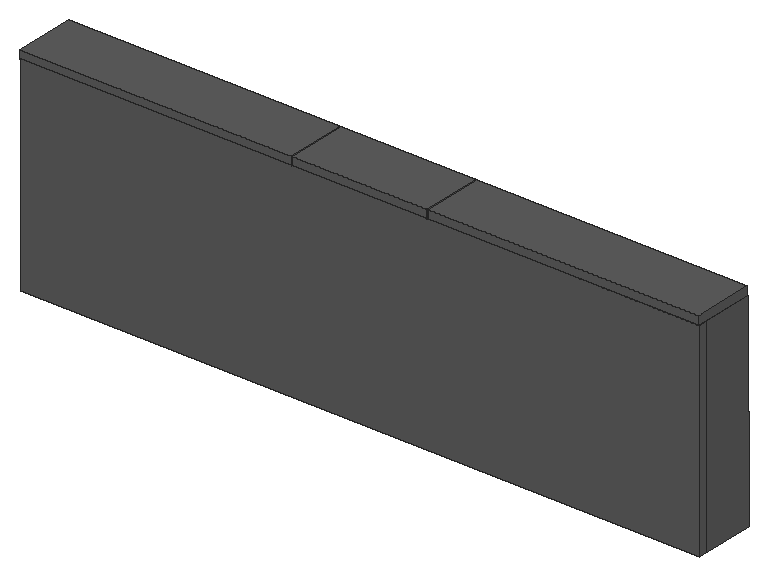
Revit family "WashbasinUnit-150cm-Left-Vitra-OriginSeries-65689+65690+65691", category Furniture Systems, host Face, Revit 2017
Family settings
  Host = Face
  Round Connector Dimension = Use Diameter
  Part Type = Normal
  OmniClass Number = 23.40.00.00
  OmniClass Title = Equipment and Furnishings
  Cut with Voids When Loaded = No
  Shared = Yes
  Room Calculation Point = No
Parameters (values of type "WashbasinUnit-Vitra-OriginSeries-150cm-Left_65689")
  Youtube = "https://www.youtube.com/user/VitrAglobal"
  Weight Net (kg) = "45"
  Warranty Period (Year) = "2"
  Uniformat II Description = "FURNISHINGS"
  Uniformat II Code = "E20"
  Uniclass 2015 Name = "Wash basins, sinks and troughs"
  Uniclass 2015 Code = "Pr_40_20_93"
  Uniclass 2.0 Description = "Bathroom Cabinets"
  Uniclass 2.0 Code = "PR-35-75-08"
  Uniclass 1.4 Description = "Bathroom Cabinets"
  Uniclass 1.4 Code = "L8241"
  URL = "https://vitraglobal.com/"
  UNSPSC Description = "Bathroom Cabinets"
  UNSPSC Code = "301815"
  Technical description = "https://www.vitraglobal.com/pdf/65689/"
  Tap hole Options (default) = ""
  Specification = ""
  Secondary Material = MattWhite
  Region South America = "All"
  Region Oceania = "All"
  Region North America = "All"
  Region Middle East = "All"
  Region Europe = "All"
  Region Asia = "All"
  Region Antarctica = "All"
  Region Africa = "All"
  Product url = "https://www.vitraglobal.com/bathroom-furniture/counters/storage-tables/origin-counter-with-drawer-sku-65689/"
  Product manual = ""
  Product group = "Washbasin Unit"
  Product family = "Origin"
  Product data url = "https://www.bimobject.com/vitra-bathrooms/product/65689-65690-65691"
  Product certification = "https://www.vitraglobal.com/brochures/"
  Product SKU = "65689"
  Product Guid = "https://www.vitraglobal.com/uyeIslem/fileDownload.aspx?udkEnc=jknA0+Tbm/Hm4TOyUwN+8y2DmbYZpN3DgWVixSaqpUl8lHcyJ4riURwxWsHd8AcBDazUBka7BIJo6TEQ9OYqmQ==&lang=en-US"
  Primary Material = Patterned Black Oak
  OmniClass Description = "Bathroom Cabinets"
  OmniClass Code = "23-31 25 13"
  Nominal Width (mm) = 1500 mm
  Nominal Height (mm) = 135 mm
  Nominal Depth (mm) = 480 mm
  NBS Referans Description = "Bathroom Cabinets"
  NBS Referans Code = "35-75-08"
  Mounting type = "Wall-Hung"
  Masterformat 2014 Description = "Bathroom Unit Modules"
  Masterformat 2014 Code = "13 42 13"
  Manufacturer name = "VitrA"
  Manufacturer = "VitrA"
  Main Material = "Wood"
  Installation instructions = "https://www.vitraglobal.com/uyeIslem/fileDownload.aspx?udkEnc=YT1cocbwVf1nhQ2jtuzVLRf+lQtiPzEc0mZ6gFoRvuzyYprAYoFjRTn2tIH66LmL1a1Jq37ROE+33uM/PE7myg==&lang=en-US"
  IFC Classification = "Furniture"
  EAN code = ""
  Design country = "Turkey"
  Description = "Origin Washbasin Unit, 150 cm"
  Default Elevation = 660 mm
  Color = "Matt White/Dore Oak"
  COBIe Type Category = ""
  Brand = "VitrA"
  BIMobject category = "Bathroom compound units"
  Article No. (default) = "65689"
  Accessories (default) = ""
Types (3, lengths in mm): name | Technical description | Product url | Product data url | Product SKU | Primary Material | Color | Article No. (default)
  WashbasinUnit-Vitra-OriginSeries-150cm-Left_65691 | "https://www.vitraglobal.com/pdf/65691/" | "" | "https://www.vitraglobal.com/bathroom-furniture/counters/storage-tables/origin-counter-with-drawer-sku-65691/" | "65691" | Natural Oak | "Flat Oak" | "65691"
  WashbasinUnit-Vitra-OriginSeries-150cm-Left_65689 | "https://www.vitraglobal.com/pdf/65689/" | "https://www.vitraglobal.com/bathroom-furniture/counters/storage-tables/origin-counter-with-drawer-sku-65689/" | "https://www.bimobject.com/vitra-bathrooms/product/65689-65690-65691" | "65689" | Patterned Black Oak | "Matt White/Dore Oak" | "65689"
  WashbasinUnit-Vitra-OriginSeries-150cm-Left_65690 | "https://www.vitraglobal.com/pdf/65690/" | "" | "https://www.vitraglobal.com/bathroom-furniture/counters/storage-tables/origin-counter-with-drawer-sku-65690/" | "65690" | Elm | "Elm" | "65690"
Reference planes
  plane 1 "Center (Front/Back)": y = 0
  plane 2: z = 0
  plane 3 "Center (Left/Right)": x = -8.77
  plane 4: x = 454.576
  plane 5: x = -1045.424
  plane 6: y = 0.372
  plane 7: y = 135.372
  plane 8: z = 480
Forms (mm)
  Extrusion 1, solid, material "Patterned Black Oak" <- "Primary Material", detail levels fine
    sketch origin (-279.424, -0.624, 231.903) x (0, 0, 1) y (1, 0, 0)
      loop
        line (229.097, -766) -> (229.097, 734) -> (-228.5, 734) -> (-228.5, -766) -> (229.097, -766)
    from 0.997 to 17.997
  Extrusion 2, solid, material "Patterned Black Oak" <- "Primary Material", detail levels fine
    sketch origin (-295.424, 135.372, 232.403) x (0, 0, -1) y (1, 0, 0)
      loop
        line (229, -750) -> (229, -734) -> (-228.597, -734) -> (-228.597, -750) -> (229, -750)
      loop
        line (-228.597, 750) -> (-228.597, 734) -> (229, 734) -> (229, 750) -> (-228.597, 750)
    from 0 to 118
  Extrusion 3, solid, material "Patterned Black Oak" <- "Primary Material", detail levels fine
    sketch origin (-292.424, 133.372, 469.903) x (0, 0, -1) y (1, 0, 0)
      loop
        line (-10.097, -753) -> (8.903, -753) -> (8.903, 745) -> (-10.097, 745) -> (-10.097, -753)
    from 0 to 133
  Extrusion 4, solid, material "Patterned Black Oak" <- "Primary Material", detail levels fine
    sketch origin (-279.424, 134.372, 410.403) x (0, 0, 1) y (1, 0, 0)
      loop
        line (-49.403, -750) -> (50.597, -750) -> (50.597, 718) -> (-49.403, 718) -> (-49.403, -750)
      loop
        line (-307, 718) -> (-407, 718) -> (-407, -750) -> (-307, -750) -> (-307, 718)
    from 0 to -15.924
  Extrusion 5, solid, material "Patterned Black Oak" <- "Primary Material", detail levels fine
    sketch origin (273.479, 133.372, 469.903) x (0, 0, -1) y (1, 0, 0)
      loop
        line (-10.097, -418.903) -> (-10.097, -421.497) -> (8.903, -421.497) -> (8.903, -418.903) -> (-10.097, -418.903)
    from 0 to 133
  Extrusion 6, solid, detail levels coarse+medium
    sketch origin (0, 0, 0) x (1, 0, 0) y (0, 1, 0)
      loop
        line (454.576, 145.372) -> (-1045.424, 145.372) -> (-1045.424, 0.372) -> (454.576, 0.372) -> (454.576, 145.372)
    from 0 to 480
  Extrusion 7, void
    sketch origin (0, 0, 0) x (1, 0, 0) y (0, 1, 0)
      loop
        line (454.576, 145.372) -> (-1045.424, 145.372) -> (-1045.424, 0.372) -> (454.576, 0.372) -> (454.576, 145.372)
    from 480 to 954.713
  Extrusion 8, solid, material "Patterned Black Oak" <- "Primary Material", detail levels fine
    sketch origin (-26.521, 133.372, 469.903) x (0, 0, -1) y (1, 0, 0)
      loop
        line (-10.097, -418.903) -> (-10.097, -421.497) -> (8.903, -421.497) -> (8.903, -418.903) -> (-10.097, -418.903)
    from 0 to 133
Dimensions and locks
  "Nominal Height (mm)": plane 7 to plane 6
  plane 5 to plane 4 = 1500 mm
  "Nominal Width (mm)": plane 5 to plane 4
  "Nominal Depth (mm)": host face to plane 8
  Extrusion 7 to Extrusion 7 = 474.713 mm
  aligned and locked: plane 2 to host face
  aligned and locked: level to host face
  aligned and locked: Extrusion 2 to Extrusion 1
  aligned and locked: Extrusion 1 to Extrusion 3  (x2)
  aligned and locked: Extrusion 4 to Extrusion 2  (x2)
  aligned and locked: Extrusion 6 to Extrusion 1  (x2)
  aligned and locked: Extrusion 7 sketch curve to Extrusion 6  (x2)
  aligned and locked: Extrusion 7 to Extrusion 3
Automatic sketch dimensions
  host sketch curve to host sketch curve = 2438.4 mm  (x2)
  plane 5 to Extrusion 1 sketch curve = 0 mm
  plane 4 to Extrusion 1 sketch curve = 0 mm
  level to Extrusion 1 sketch curve = 3.403 mm
  plane 8 to Extrusion 1 sketch curve = 19 mm
  plane 5 to Extrusion 2 sketch curve = 0 mm
  plane 4 to Extrusion 2 sketch curve = 0 mm
  plane 8 to Extrusion 2 sketch curve = 19 mm  (x2)
  level to Extrusion 2 sketch curve = 3.403 mm  (x2)
  Extrusion 2 sketch curve to plane 5 = 16 mm
  Extrusion 2 sketch curve to Extrusion 2 sketch curve = 16 mm
  Extrusion 3 sketch curve to plane 8 = 0 mm
  plane 5 to Extrusion 3 sketch curve = 0 mm
  plane 4 to Extrusion 3 sketch curve = 2 mm
  plane 8 to Extrusion 3 sketch curve = 19 mm
  level to Extrusion 4 sketch curve = 3.403 mm
  plane 4 to Extrusion 4 sketch curve = 16 mm  (x2)
  Extrusion 4 sketch curve to Extrusion 4 sketch curve = 100 mm
  plane 8 to Extrusion 4 sketch curve = 119 mm
  plane 8 to Extrusion 4 sketch curve = 19 mm
  Extrusion 4 sketch curve to plane 5 = 16 mm  (x2)
  Extrusion 5 sketch curve to plane 8 = 0 mm
  plane 8 to Extrusion 5 sketch curve = 19 mm
  Extrusion 5 sketch curve to plane 3 "Center (Left/Right)" = 139.249 mm
  Extrusion 5 sketch curve to Extrusion 5 sketch curve = 2.594 mm
  Extrusion 6 sketch curve to plane 5 = 0 mm
  Extrusion 6 sketch curve to plane 4 = 0 mm
  Extrusion 6 sketch curve to plane 6 = 0 mm
  plane 7 to Extrusion 6 sketch curve = 10 mm
  Extrusion 7 sketch curve to plane 6 = 0 mm
  plane 7 to Extrusion 7 sketch curve = 10 mm
  Extrusion 8 sketch curve to plane 8 = 0 mm
  plane 8 to Extrusion 8 sketch curve = 19 mm
  Extrusion 8 sketch curve to plane 3 "Center (Left/Right)" = 439.249 mm
  Extrusion 8 sketch curve to Extrusion 8 sketch curve = 2.594 mm
